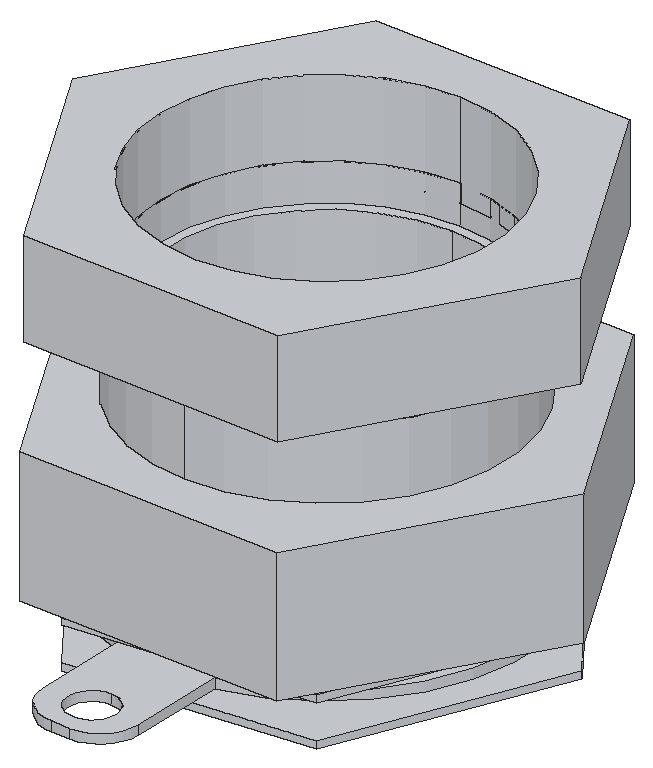
Revit family "CW75", category Generic Models, Revit 2017
Family settings
  Can host rebar = No
  Round Connector Dimension = Use Diameter
  Part Type = Normal
  Work Plane-Based = Yes
  Always vertical = No
  Cut with Voids When Loaded = No
  Shared = No
  Room Calculation Point = No
Parameters (values of type "NBS Standard Parameters")
  Weight = "2.15Kg"
  WarrantyStartDate [instance] = "1900-12-31T23:59:59"
  WarrantyGuarantorParts = "n/a"
  WarrantyGuarantorLabor = "n/a"
  WarrantyDurationUnit = "1 year"
  WarrantyDurationParts = "n/a"
  WarrantyDurationLabor = "n/a"
  WarrantyDescription = "n/a"
  Version = "1"
  Uniclass2 = "Pr_65_70_36_33"
  TagNumber [instance] = "n/a"
  SustainabilityPerformance = "n/a"
  Size = "75mm"
  Shape = ""
  SerialNumber [instance] = "n/a"
  Revision = "n/a"
  ReplacementCost = "n/a"
  ProductInformation = "www.metpro.co.uk/pdf/cw75.pdf"
  NominalWidth = 95 mm
  NominalLength = 95 mm
  NominalHeight = 70 mm
  Name = ""
  NBSTypeID = ""
  NBSReference = ""
  NBSOfficeMasterTag = ""
  NBSNote = ""
  NBSDescription = "High Voltage Cable Glands"
  NBSCertification = ""
  ModelReference = "CW75"
  ModelNumber = "n/a"
  Material = "Brass"
  ManufacturerURL = "www.metpro.co.uk"
  ManufacturerName = "Metpro Ltd"
  Keynote = "Kit Comprises of 1 Gland C/W Seal, 1 Shroud, 1 Tag and 1 Locknut"
  InstallationDate [instance] = "1900-12-31T23:59:59"
  IfcExportType = ""
  IfcExportAs = ""
  Grade = "n/a"
  Finish = "Self Colour"
  Features = "n/a"
  ExpectedLife = "n/a"
  DurationUnit = "year"
  Description = "CW75 - 75mm Cable Gland Kit"
  Default Elevation = 1219.2 mm
  Constituents = "n/a"
  Color = "n/a"
  CodePerformance = "n/a"
  Category = "n/a"
  BarCode [instance] = "n/a"
  BIMObjectName = "Metpro_metprolibrary_cablegland_brass_external"
  Author = "Metpro limited"
  AssetType = ""
  AssetIdentifier [instance] = "n/a"
  AccessibilityPerformance = "n/a"
Reference planes
  plane 1 "Center (Front/Back)": y = 0
  plane 2: z = 0
  plane 3 "Center (Left/Right)": x = 0
Forms (mm)
  Extrusion 1, solid
    sketch origin (-10614.279, 178.929, 6.064) x (0, 1, 0) y (-1, 0, 0)
      loop
        line (81.556, 40.135) -> (34.556, 67.271) -> (-12.444, 40.135) -> (-12.444, -14.135) -> (34.556, -41.271) -> (81.556, -14.135) -> (81.556, 40.135)
      loop
        circle (35.017, 13.363) r 32.844
    from 0 to 28
  Extrusion 2, solid
    sketch origin (-10614.279, 178.929, 6.064) x (0, 1, 0) y (-1, 0, 0)
      loop
        circle (35.017, 13.363) r 35
      loop
        circle (35.017, 13.363) r 32.844
    from 0 to -16
  Extrusion 3, solid
    sketch origin (-10614.279, 178.929, 6.064) x (0, 1, 0) y (-1, 0, 0)
      loop
        line (-10.497, 32.877) -> (-4.471, -16.199) -> (41.043, -35.519) -> (80.532, -5.762) -> (74.506, 43.314) -> (28.991, 62.634) -> (-10.497, 32.877)
      loop
        circle (35.017, 13.363) r 35
    from -1.541 to -3
  Extrusion 4, solid
    sketch origin (-10614.279, 178.929, 3.064) x (-1, 0, 0) y (0, 1, 0)
      loop
        arc (23.495, -6.97) -> (13.495, 78.179) -> (3.495, -6.97) r 43.162
        line (3.495, -6.97) -> (3.495, -26.939)
        arc (3.495, -26.939) -> (5.851, -32.627) -> (11.539, -34.983) r 8.044
        line (11.539, -34.983) -> (15.459, -34.983)
        arc (15.459, -34.983) -> (21.141, -32.629) -> (23.495, -26.947) r 8.036
        line (23.495, -26.947) -> (23.495, -6.97)
      loop
        circle (13.495, -26.708) r 5
      loop
        circle (13.495, 35.017) r 34.984
    from 1.24 to 3.24
  Extrusion 5, solid
    sketch origin (-10614.279, 178.929, 3.064) x (-1, 0, 0) y (0, 1, 0)
      loop
        line (32.877, -10.497) -> (62.634, 28.991) -> (43.314, 74.506) -> (-5.762, 80.532) -> (-35.519, 41.043) -> (-16.199, -4.471) -> (32.877, -10.497)
      loop
        circle (13.363, 35.017) r 35
    from 7.164 to 8.664
  Extrusion 6, solid
    sketch origin (-10614.279, 178.929, 34.064) x (0, 1, 0) y (-1, 0, 0)
      loop
        circle (35.017, 13.363) r 32.844
      loop
        circle (35.017, 13.363) r 37.554
    from 0 to 16
  Extrusion 7, solid
    sketch origin (-10614.279, 178.929, 50.064) x (0, 1, 0) y (-1, 0, 0)
      loop
        circle (35.017, 13.363) r 39.5
      loop
        circle (35.017, 13.363) r 35
    from 0 to 8
  Extrusion 8, solid
    sketch origin (-10614.279, 178.929, 50.064) x (0, 1, 0) y (-1, 0, 0)
      loop
        line (35.017, 67.005) -> (-11.438, 40.184) -> (-11.438, -13.458) -> (35.017, -40.279) -> (81.472, -13.458) -> (81.472, 40.184) -> (35.017, 67.005)
      loop
        circle (35.017, 13.363) r 35
    from 4.336 to 24.336
Dimensions and locks
  aligned and locked: level to plane 2
